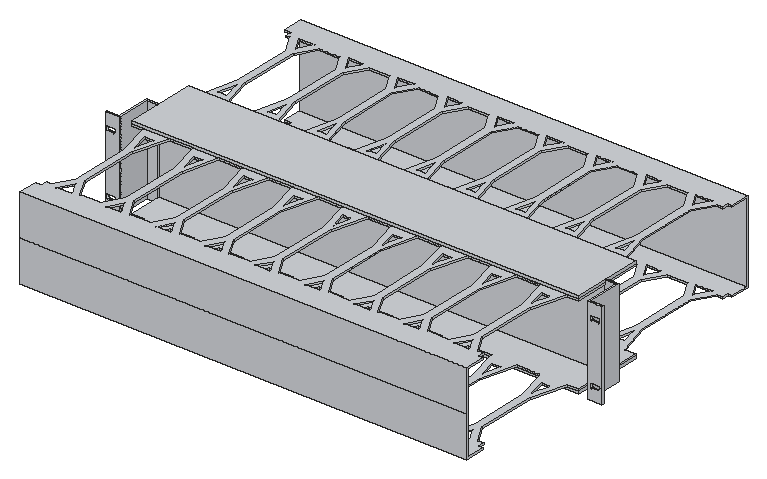
Revit family
Parameters
  Material ID = "760128850"
  Description = "Horizontal Trough Kit, 19-inch rack mountable, Double Sided, 2U height"
Reference planes (in)
  plane 1 "Center (Front/Back)": y = 0
  plane 2: z = 0
  plane 3 "Center (Left/Right)": x = 0
Forms (in)
  Extrusion 1, solid
    sketch origin (0, 0, 0) x (0, 1, 0) y (0, 0, 1)
      loop
        line (0, 0) -> (0, -1.655) -> (0.811, -1.655) -> (0.811, -1.591) -> (0.064, -1.591) -> (0.064, 1.591) -> (0.811, 1.591) -> (0.811, 1.655) -> (0, 1.655) -> (0, 0)
    from -7.99558 to 10.00747
  Extrusion 2, solid
    sketch origin (0, 0, 0) x (0, 1, 0) y (0, 0, 1)
      loop
        line (7.068, 1.655) -> (0.811, 1.655) -> (0.811, 1.591) -> (7.004, 1.591) -> (7.004, -1.591) -> (0.811, -1.591) -> (0.811, -1.655) -> (7.068, -1.655) -> (7.068, 1.655)
    from -7.99558 to 10.00747
  Extrusion 3, solid
    sketch origin (0, 14.136, 0) x (0, -1, 0) y (0, 0, -1)
      loop
        line (0, 0) -> (0, -1.655) -> (0.811, -1.655) -> (0.811, -1.591) -> (0.064, -1.591) -> (0.064, 1.591) -> (0.811, 1.591) -> (0.811, 1.655) -> (0, 1.655) -> (0, 0)
    from -7.99558 to 10.00747
  Extrusion 4, solid
    sketch origin (0, 14.136, 0) x (0, -1, 0) y (0, 0, -1)
      loop
        line (7.068, -1.655) -> (7.068, 1.655) -> (0.811, 1.655) -> (0.811, 1.591) -> (7.004, 1.591) -> (7.004, -1.591) -> (0.811, -1.591) -> (0.811, -1.655) -> (7.068, -1.655)
    from -7.99558 to 10.00747
  Extrusion 5, void
    sketch origin (0, 0, 0) x (1, 0, 0) y (0, 1, 0)
      loop
        line (-7.49557, 5.62) -> (-9.49557, 5.62) -> (-9.49557, 0.811) -> (-7.75941, 0.811) -> (-7.75941, 1.05437) -> (-7.57634, 1.05437) -> (-7.14864, 1.79517) -> (-7.14864, 4.19795) -> (-7.49557, 5.62)
      loop
        line (-6.46693, 5.62) -> (-6.85112, 4.21804) -> (-6.85112, 1.82069) -> (-6.40868, 1.05437) -> (-5.75941, 1.05437) -> (-5.57634, 1.05437) -> (-5.14864, 1.79517) -> (-5.14864, 4.19795) -> (-5.49557, 5.62) -> (-6.46693, 5.62)
      loop
        line (-7.14755, 5.21027) -> (-6.97533, 4.50435) -> (-6.78188, 5.21027) -> (-7.14755, 5.21027)
      loop
        line (-7.30451, 0.95725) -> (-6.64615, 0.95725) -> (-6.97533, 1.5274) -> (-7.30451, 0.95725)
      loop
        line (-4.46693, 5.62) -> (-4.85112, 4.21804) -> (-4.85112, 1.82069) -> (-4.40868, 1.05437) -> (-3.75941, 1.05437) -> (-3.57634, 1.05437) -> (-3.14864, 1.79517) -> (-3.14864, 4.19795) -> (-3.49557, 5.62) -> (-4.46693, 5.62)
      loop
        line (-5.14755, 5.21027) -> (-4.97533, 4.50435) -> (-4.78188, 5.21027) -> (-5.14755, 5.21027)
      loop
        line (-5.30451, 0.95725) -> (-4.64615, 0.95725) -> (-4.97533, 1.5274) -> (-5.30451, 0.95725)
      loop
        line (-2.46693, 5.62) -> (-2.85112, 4.21804) -> (-2.85112, 1.82069) -> (-2.40868, 1.05437) -> (-1.75941, 1.05437) -> (-1.57634, 1.05437) -> (-1.14864, 1.79517) -> (-1.14864, 4.19795) -> (-1.49557, 5.62) -> (-2.46693, 5.62)
      loop
        line (-3.14755, 5.21027) -> (-2.97533, 4.50435) -> (-2.78188, 5.21027) -> (-3.14755, 5.21027)
      loop
        line (-3.30451, 0.95725) -> (-2.64615, 0.95725) -> (-2.97533, 1.5274) -> (-3.30451, 0.95725)
      loop
        line (-0.46693, 5.62) -> (-0.85112, 4.21804) -> (-0.85112, 1.82069) -> (-0.40868, 1.05437) -> (0.24059, 1.05437) -> (0.42366, 1.05437) -> (0.85136, 1.79517) -> (0.85136, 4.19795) -> (0.50443, 5.62) -> (-0.46693, 5.62)
      loop
        line (-1.14755, 5.21027) -> (-0.97533, 4.50435) -> (-0.78188, 5.21027) -> (-1.14755, 5.21027)
      loop
        line (-1.30451, 0.95725) -> (-0.64615, 0.95725) -> (-0.97533, 1.5274) -> (-1.30451, 0.95725)
      loop
        line (1.53307, 5.62) -> (1.14888, 4.21804) -> (1.14888, 1.82069) -> (1.59132, 1.05437) -> (2.24059, 1.05437) -> (2.42366, 1.05437) -> (2.85136, 1.79517) -> (2.85136, 4.19795) -> (2.50443, 5.62) -> (1.53307, 5.62)
      loop
        line (0.85245, 5.21027) -> (1.02467, 4.50435) -> (1.21812, 5.21027) -> (0.85245, 5.21027)
      loop
        line (0.69549, 0.95725) -> (1.35385, 0.95725) -> (1.02467, 1.5274) -> (0.69549, 0.95725)
      loop
        line (3.53307, 5.62) -> (3.14888, 4.21804) -> (3.14888, 1.82069) -> (3.59132, 1.05437) -> (4.24059, 1.05437) -> (4.42366, 1.05437) -> (4.85136, 1.79517) -> (4.85136, 4.19795) -> (4.50443, 5.62) -> (3.53307, 5.62)
      loop
        line (2.85245, 5.21027) -> (3.02467, 4.50435) -> (3.21812, 5.21027) -> (2.85245, 5.21027)
      loop
        line (2.69549, 0.95725) -> (3.35385, 0.95725) -> (3.02467, 1.5274) -> (2.69549, 0.95725)
      loop
        line (5.53307, 5.62) -> (5.14888, 4.21804) -> (5.14888, 1.82069) -> (5.59132, 1.05437) -> (6.24059, 1.05437) -> (6.42366, 1.05437) -> (6.85136, 1.79517) -> (6.85136, 4.19795) -> (6.50443, 5.62) -> (5.53307, 5.62)
      loop
        line (4.85245, 5.21027) -> (5.02467, 4.50435) -> (5.21812, 5.21027) -> (4.85245, 5.21027)
      loop
        line (4.69549, 0.95725) -> (5.35385, 0.95725) -> (5.02467, 1.5274) -> (4.69549, 0.95725)
      loop
        line (7.53307, 5.62) -> (7.14888, 4.21804) -> (7.14888, 1.82069) -> (7.59132, 1.05437) -> (8.24059, 1.05437) -> (8.42366, 1.05437) -> (8.85136, 1.79517) -> (8.85136, 4.19795) -> (8.50443, 5.62) -> (7.53307, 5.62)
      loop
        line (6.85245, 5.21027) -> (7.02467, 4.50435) -> (7.21812, 5.21027) -> (6.85245, 5.21027)
      loop
        line (6.69549, 0.95725) -> (7.35385, 0.95725) -> (7.02467, 1.5274) -> (6.69549, 0.95725)
      loop
        line (9.53307, 5.62) -> (9.14888, 4.21804) -> (9.14888, 1.82069) -> (9.59132, 1.05437) -> (9.84019, 1.05437) -> (9.84019, 0.811) -> (11.78307, 0.811) -> (11.78307, 5.62) -> (9.53307, 5.62)
      loop
        line (8.85245, 5.21027) -> (9.02467, 4.50435) -> (9.21812, 5.21027) -> (8.85245, 5.21027)
      loop
        line (8.69549, 0.95725) -> (9.35385, 0.95725) -> (9.02467, 1.5274) -> (8.69549, 0.95725)
    from -5.49853 to 12
  Extrusion 6, void
    sketch origin (0, 0, 0) x (1, 0, 0) y (0, 1, 0)
      loop
        line (10.00747, 8.516) -> (10.71768, 8.516) -> (10.71768, 13.325) -> (9.84019, 13.325) -> (9.84019, 13.08163) -> (9.59132, 13.08163) -> (9.14888, 12.31531) -> (9.14888, 9.91796) -> (9.53307, 8.516) -> (10.00747, 8.516)
      loop
        line (8.50443, 8.516) -> (8.85136, 9.93805) -> (8.85136, 12.34083) -> (8.42366, 13.08163) -> (7.59132, 13.08163) -> (7.14888, 12.31531) -> (7.14888, 9.91796) -> (7.53307, 8.516) -> (8.50443, 8.516)
      loop
        line (9.02467, 12.6086) -> (9.35385, 13.17875) -> (8.69549, 13.17875) -> (9.02467, 12.6086)
      loop
        line (9.02467, 9.63165) -> (8.85245, 8.92573) -> (9.21812, 8.92573) -> (9.02467, 9.63165)
      loop
        line (6.85136, 9.93805) -> (6.85136, 12.34083) -> (6.42366, 13.08163) -> (5.59132, 13.08163) -> (5.14888, 12.31531) -> (5.14888, 9.91796) -> (5.53307, 8.516) -> (6.50443, 8.516) -> (6.85136, 9.93805)
      loop
        line (4.85136, 9.93805) -> (4.85136, 12.34083) -> (4.42366, 13.08163) -> (3.59132, 13.08163) -> (3.14888, 12.31531) -> (3.14888, 9.91796) -> (3.53307, 8.516) -> (4.50443, 8.516) -> (4.85136, 9.93805)
      loop
        line (2.85136, 9.93805) -> (2.85136, 12.34083) -> (2.42366, 13.08163) -> (1.59132, 13.08163) -> (1.14888, 12.31531) -> (1.14888, 9.91796) -> (1.53307, 8.516) -> (2.50443, 8.516) -> (2.85136, 9.93805)
      loop
        line (0.85136, 9.93805) -> (0.85136, 12.34083) -> (0.42366, 13.08163) -> (-0.40868, 13.08163) -> (-0.85112, 12.31531) -> (-0.85112, 9.91796) -> (-0.46693, 8.516) -> (0.50443, 8.516) -> (0.85136, 9.93805)
      loop
        line (-1.14864, 9.93805) -> (-1.14864, 12.34083) -> (-1.57634, 13.08163) -> (-2.40868, 13.08163) -> (-2.85112, 12.31531) -> (-2.85112, 9.91796) -> (-2.46693, 8.516) -> (-1.49557, 8.516) -> (-1.14864, 9.93805)
      loop
        line (-3.14864, 9.93805) -> (-3.14864, 12.34083) -> (-3.57634, 13.08163) -> (-4.40868, 13.08163) -> (-4.85112, 12.31531) -> (-4.85112, 9.91796) -> (-4.46693, 8.516) -> (-3.49557, 8.516) -> (-3.14864, 9.93805)
      loop
        line (-5.14864, 9.93805) -> (-5.14864, 12.34083) -> (-5.57634, 13.08163) -> (-6.40868, 13.08163) -> (-6.85112, 12.31531) -> (-6.85112, 9.91796) -> (-6.46693, 8.516) -> (-5.49557, 8.516) -> (-5.14864, 9.93805)
      loop
        line (-7.14864, 9.93805) -> (-7.14864, 12.34083) -> (-7.57634, 13.08163) -> (-7.75941, 13.08163) -> (-7.75941, 13.325) -> (-8.50941, 13.325) -> (-8.50941, 8.516) -> (-7.99558, 8.516) -> (-7.49557, 8.516) -> (-7.14864, 9.93805)
      loop
        line (7.02467, 12.6086) -> (7.35385, 13.17875) -> (6.69549, 13.17875) -> (7.02467, 12.6086)
      loop
        line (7.02467, 9.63165) -> (6.85245, 8.92573) -> (7.21812, 8.92573) -> (7.02467, 9.63165)
      loop
        line (5.02467, 12.6086) -> (5.35385, 13.17875) -> (4.69549, 13.17875) -> (5.02467, 12.6086)
      loop
        line (5.02467, 9.63165) -> (4.85245, 8.92573) -> (5.21812, 8.92573) -> (5.02467, 9.63165)
      loop
        line (3.02467, 12.6086) -> (3.35385, 13.17875) -> (2.69549, 13.17875) -> (3.02467, 12.6086)
      loop
        line (3.02467, 9.63165) -> (2.85245, 8.92573) -> (3.21812, 8.92573) -> (3.02467, 9.63165)
      loop
        line (1.02467, 12.6086) -> (1.35385, 13.17875) -> (0.69549, 13.17875) -> (1.02467, 12.6086)
      loop
        line (1.02467, 9.63165) -> (0.85245, 8.92573) -> (1.21812, 8.92573) -> (1.02467, 9.63165)
      loop
        line (-0.97533, 12.6086) -> (-0.64615, 13.17875) -> (-1.30451, 13.17875) -> (-0.97533, 12.6086)
      loop
        line (-0.97533, 9.63165) -> (-1.14755, 8.92573) -> (-0.78188, 8.92573) -> (-0.97533, 9.63165)
      loop
        line (-2.97533, 12.6086) -> (-2.64615, 13.17875) -> (-3.30451, 13.17875) -> (-2.97533, 12.6086)
      loop
        line (-2.97533, 9.63165) -> (-3.14755, 8.92573) -> (-2.78188, 8.92573) -> (-2.97533, 9.63165)
      loop
        line (-4.97533, 12.6086) -> (-4.64615, 13.17875) -> (-5.30451, 13.17875) -> (-4.97533, 12.6086)
      loop
        line (-4.97533, 9.63165) -> (-5.14755, 8.92573) -> (-4.78188, 8.92573) -> (-4.97533, 9.63165)
      loop
        line (-6.97533, 12.6086) -> (-6.64615, 13.17875) -> (-7.30451, 13.17875) -> (-6.97533, 12.6086)
      loop
        line (-6.97533, 9.63165) -> (-7.14755, 8.92573) -> (-6.78188, 8.92573) -> (-6.97533, 9.63165)
    from -5.87664 to 12
  Extrusion 7, solid
    sketch origin (0, 0, 0) x (1, 0, 0) y (0, 1, 0)
      loop
        line (-7.99558, 7.004) -> (-8.49558, 7.004) -> (-8.49558, 5.61746) -> (-8.99558, 5.61746) -> (-8.99558, 5.55346) -> (-8.43158, 5.55346) -> (-8.43158, 5.61746) -> (-8.43158, 6.94) -> (-7.99558, 6.94) -> (-7.99558, 7.004)
      loop
        line (10.00747, 7.004) -> (10.00747, 6.94) -> (10.44347, 6.94) -> (10.44347, 5.61746) -> (10.44347, 5.55346) -> (11.00747, 5.55346) -> (11.00747, 5.61746) -> (10.50747, 5.61746) -> (10.50747, 7.004) -> (10.00747, 7.004)
    from -1.77 to 1.77
  Extrusion 8, void
    sketch origin (0, 0, 0) x (1, 0, 0) y (0, 0, 1)
      loop
        spline (-8.8841, 1.31056) -> (-8.90181, 1.3072) -> (-8.91831, 1.29733) -> (-8.93248, 1.28162) -> (-8.94335, 1.26116) -> (-8.95018, 1.23732) -> (-8.95251, 1.21175) -> (-8.95018, 1.18617) -> (-8.94335, 1.16234) -> (-8.93248, 1.14187) -> (-8.91831, 1.12617) -> (-8.90181, 1.11629) -> (-8.8841, 1.11293)
        line (-8.8841, 1.11293) -> (-8.6341, 1.11293)
        spline (-8.6341, 1.11293) -> (-8.61568, 1.11629) -> (-8.59852, 1.12617) -> (-8.58378, 1.14187) -> (-8.57247, 1.16234) -> (-8.56536, 1.18617) -> (-8.56294, 1.21175) -> (-8.56536, 1.23732) -> (-8.57247, 1.26116) -> (-8.58378, 1.28162) -> (-8.59852, 1.29733) -> (-8.61568, 1.3072) -> (-8.6341, 1.31056)
        line (-8.6341, 1.31056) -> (-8.8841, 1.31056)
      loop
        spline (-8.8841, -1.13418) -> (-8.90181, -1.13754) -> (-8.91831, -1.14742) -> (-8.93248, -1.16312) -> (-8.94335, -1.18359) -> (-8.95018, -1.20742) -> (-8.95251, -1.233) -> (-8.95018, -1.25857) -> (-8.94335, -1.2824) -> (-8.93248, -1.30287) -> (-8.91831, -1.31857) -> (-8.90181, -1.32845) -> (-8.8841, -1.33181)
        line (-8.8841, -1.33181) -> (-8.6341, -1.33181)
        spline (-8.6341, -1.33181) -> (-8.61568, -1.32845) -> (-8.59852, -1.31857) -> (-8.58378, -1.30287) -> (-8.57247, -1.2824) -> (-8.56536, -1.25857) -> (-8.56294, -1.233) -> (-8.56536, -1.20742) -> (-8.57247, -1.18359) -> (-8.58378, -1.16312) -> (-8.59852, -1.14742) -> (-8.61568, -1.13754) -> (-8.6341, -1.13418)
        line (-8.6341, -1.13418) -> (-8.8841, -1.13418)
      loop
        spline (10.6159, 1.31056) -> (10.59819, 1.3072) -> (10.58169, 1.29733) -> (10.56752, 1.28162) -> (10.55665, 1.26116) -> (10.54982, 1.23732) -> (10.54749, 1.21175) -> (10.54982, 1.18617) -> (10.55665, 1.16234) -> (10.56752, 1.14187) -> (10.58169, 1.12617) -> (10.59819, 1.11629) -> (10.6159, 1.11293)
        line (10.6159, 1.11293) -> (10.8659, 1.11293)
        spline (10.8659, 1.11293) -> (10.88432, 1.11629) -> (10.90148, 1.12617) -> (10.91622, 1.14187) -> (10.92753, 1.16234) -> (10.93464, 1.18617) -> (10.93706, 1.21175) -> (10.93464, 1.23732) -> (10.92753, 1.26116) -> (10.91622, 1.28162) -> (10.90148, 1.29733) -> (10.88432, 1.3072) -> (10.8659, 1.31056)
        line (10.8659, 1.31056) -> (10.6159, 1.31056)
      loop
        spline (10.6159, -1.13418) -> (10.59819, -1.13754) -> (10.58169, -1.14742) -> (10.56752, -1.16312) -> (10.55665, -1.18359) -> (10.54982, -1.20742) -> (10.54749, -1.233) -> (10.54982, -1.25857) -> (10.55665, -1.2824) -> (10.56752, -1.30287) -> (10.58169, -1.31857) -> (10.59819, -1.32845) -> (10.6159, -1.33181)
        line (10.6159, -1.33181) -> (10.8659, -1.33181)
        spline (10.8659, -1.33181) -> (10.88432, -1.32845) -> (10.90148, -1.31857) -> (10.91622, -1.30287) -> (10.92753, -1.2824) -> (10.93464, -1.25857) -> (10.93706, -1.233) -> (10.93464, -1.20742) -> (10.92753, -1.18359) -> (10.91622, -1.16312) -> (10.90148, -1.14742) -> (10.88432, -1.13754) -> (10.8659, -1.13418)
        line (10.8659, -1.13418) -> (10.6159, -1.13418)
    from -14.85026 to 12
  Extrusion 9, solid
    sketch origin (0, 0, 0) x (1, 0, 0) y (0, 1, 0)
      loop
        line (10.00747, 8.516) -> (-7.99558, 8.516) -> (-7.99558, 5.62) -> (10.00747, 5.62) -> (10.00747, 8.516)
    from 1.655 to 1.77
  Extrusion 10, solid
    sketch origin (0, 0, 0) x (1, 0, 0) y (0, 1, 0)
      loop
        line (-7.99558, 8.516) -> (-7.99558, 5.62) -> (10.00747, 5.62) -> (10.00747, 8.516) -> (-7.99558, 8.516)
    from -1.655 to -1.77
Cuts and joins
  Extrusion 5, Extrusion 6, Extrusion 8 cuts Extrusion 1
  Extrusion 5, Extrusion 6, Extrusion 8 cuts Extrusion 2
  Extrusion 6, Extrusion 8 cuts Extrusion 3
  Extrusion 6, Extrusion 8 cuts Extrusion 4
  Extrusion 8 cuts Extrusion 7
  joined: Extrusion 1, Extrusion 2, Extrusion 3, Extrusion 4, Extrusion 7
